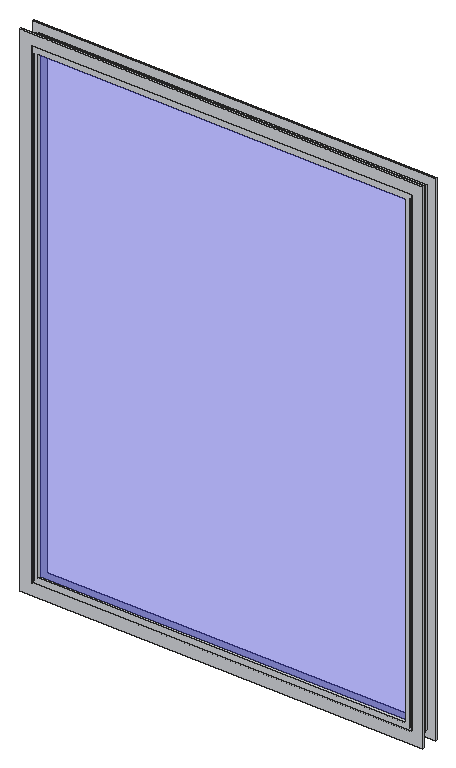
Revit family "1150S_Fixed", category Windows, host Wall, Revit 2023
Family settings
  Host = Wall
  OmniClass Number = 23.30.20.00
  OmniClass Title = Windows
  Always vertical = Yes
  Cut with Voids When Loaded = No
  Shared = No
  Room Calculation Point = No
Parameters
  Height = 5' - 0"
  Glass Material = Glass
  Frame Material = none
  Depth From Exterior = 0' - 1"
  Default Sill Height = 3' - 0"
  Wall Closure = By host
  Width = 4' - 0"
Reference planes (in)
  plane 1 "Center (Front/Back)": y = 0
  plane 2: z = 0
  plane 3 "Center (Left/Right)": x = 0
  plane 4 "Left": x = -24
  plane 5 "Right": x = 24
  plane 6 "Sill": z = 36
  plane 7 "Top": z = 96
  plane 8: y = 3
  plane 9: y = 2
  plane 10: y = 0
  plane 11: y = 0.36291
Forms (in)
  Sweep 1, solid
    path origin (0, 0, 0) x (1, 0, 0) y (0, 0, 1)
      loop
        line (24, 36) -> (24, 96) -> (-24, 96) -> (-24, 36) -> (24, 36)
    profile origin (0, 0, 36) x (0, 0, -1) y (0, -1, 0)
      loop
        line (0, -2) -> (0, -1.8747) -> (-1.12519, -1.8747) -> (-1.12519, -1.80397) -> (-1.02398, -1.70276) -> (-0.87556, -1.70276) -> (-0.87556, -1.357) -> (-0.813, -1.357) -> (-0.813, -0.643) -> (-0.87556, -0.643) -> (-0.87556, -0.30046) -> (-1.02076, -0.30046) -> (-1.125, -0.19622) -> (-1.125, -0.125) -> (0, -0.125) -> (0, 0) -> (-1.375, 0) -> (-1.375, -0.30355) -> (-1.25, -0.46426) -> (-1.25, -1.375) -> (-2.04514, -1.375) -> (-1.42014, -2) -> (0, -2)
  Sweep 2, solid
    path origin (0, 0, 0) x (1, 0, 0) y (0, 0, 1)
      loop
        line (-22.625, 37.375) -> (22.625, 37.375) -> (22.625, 94.625) -> (-22.625, 94.625) -> (-22.625, 37.375)
    profile origin (0, 0, 37.375) x (0, 0, 1) y (0, -1, 0)
      loop
        line (0, 0) -> (0, -0.18915) -> (0.0903, -0.18915) -> (0.0903, -0.125) -> (0.23999, -0.125) -> (0.23999, -0.36291) -> (0.65858, -0.36291) -> (0.65858, 0) -> (0, 0)
  Sweep 3, solid, material "Glass" <- "Glass Material"
    path origin (0, 0, 0) x (0, 1, 0) y (0, 0, 1)
      loop
        line (1.375, 37.25) -> (1.375, 94.75)
    profile origin (0, 1.375, 66) x (0, -1, 0) y (1, 0, 0)
      loop
        line (0, -22.75) -> (0.25, -22.75) -> (0.25, 22.75) -> (0, 22.75) -> (0, -22.75)
      loop
        line (0.75, -22.75) -> (1, -22.75) -> (1, 22.75) -> (0.75, 22.75) -> (0.75, -22.75)
Lines and regions (in)
  Opening 1
    outline origin (-60, -3, 0) x (1, 0, 0) y (0, 0, 1)
      loop
        line (36, 96) -> (36, 36) -> (84, 36) -> (84, 96) -> (36, 96)
Text (in)
  text "EXTERIOR" at (-58.6888, 50.90694, 0), in view "Ref. Level"
  text "INTERIOR" at (-58.6888, -37.76638, 0), in view "Ref. Level"
  text "Exterior" at (0, 43.65631, 123.19604), in view "Left"
  text "Exterior" at (0, 18.29385, 125.04747), in view "Right"
Dimensions and locks (in)
  equal spacing: plane 4 "Left", plane 3 "Center (Left/Right)", plane 5 "Right"
  "Height": plane 6 "Sill" to plane 7 "Top"
  "Default Sill Height": plane 2 to plane 6 "Sill"
  "Width": plane 4 "Left" to plane 5 "Right"
  "Depth From Exterior": plane 8 to plane 9
  locked: plane 11 to plane 10 at 0.36291
  locked: plane 9 to plane 10 at 2
  aligned and locked: plane 7 "Top" to Opening 1 sketch curve
  aligned and locked: plane 6 "Sill" to Opening 1 sketch curve  (x2)
  aligned and locked: plane 5 "Right" to Opening 1 sketch curve
  aligned and locked: plane 4 "Left" to Opening 1 sketch curve
  aligned and locked: level to plane 2
  aligned and locked: Sweep 1 sketch curve to plane 7 "Top"
  aligned and locked: plane 4 "Left" to Sweep 1 sketch curve
  aligned and locked: plane 6 "Sill" to Sweep 1 sketch curve
  aligned and locked: Sweep 1 sketch curve to plane 5 "Right"
  aligned and locked: Sweep 2 sketch curve to Sweep 1  (x4)
  aligned and locked: Sweep 3 sketch curve to Sweep 1  (x5)
  aligned and locked: plane 8 to host wall
  aligned and locked: plane 9 to Sweep 1
  aligned and locked: plane 10 to Sweep 1
  aligned and locked: plane 10 to Sweep 2
  aligned and locked: plane 11 to Sweep 2
Automatic sketch dimensions
  profile plane to Sweep 1 sketch curve = 0' - 2.04514"
  Sweep 1 sketch curve to Sweep 1 sketch curve = 0' - 0 5/8"
  Sweep 1 sketch curve to Sweep 1 sketch curve = 0' - 0.67014"
  Sweep 1 sketch curve to Sweep 1 sketch curve = 0' - 0.17014"
  Sweep 1 sketch curve to Sweep 1 sketch curve = 0' - 0.29495"
  Sweep 1 sketch curve to Sweep 1 sketch curve = 0' - 0 1/4"
  Sweep 1 sketch curve to Sweep 1 sketch curve = 0' - 0.10121"  (x2)
  Sweep 1 sketch curve to Sweep 1 sketch curve = 0' - 0.10424"  (x2)
  Sweep 1 sketch curve to Sweep 1 sketch curve = 0' - 0.1452"
  Sweep 1 sketch curve to Sweep 1 sketch curve = 0' - 0 19/128"
  Sweep 1 sketch curve to Sweep 1 sketch curve = 0' - 0.06256"
  Sweep 1 sketch curve to Sweep 1 sketch curve = 0' - 0.87556"  (x2)
  Sweep 1 sketch curve to plane 1 "Center (Front/Back)" = 0' - 2"
  Sweep 1 sketch curve to Sweep 1 sketch curve = 0' - 0.1253"
  Sweep 1 sketch curve to Sweep 1 sketch curve = 0' - 0.07073"
  Sweep 1 sketch curve to Sweep 1 sketch curve = 0' - 0.32776"
  Sweep 1 sketch curve to Sweep 1 sketch curve = 0' - 0.34576"
  Sweep 1 sketch curve to Sweep 1 sketch curve = 0' - 0.714"
  Sweep 1 sketch curve to Sweep 1 sketch curve = 0' - 0.33945"
  Sweep 1 sketch curve to Sweep 1 sketch curve = 0' - 0.00309"
  Sweep 1 sketch curve to Sweep 1 sketch curve = 0' - 0.07122"
  Sweep 1 sketch curve to Sweep 1 sketch curve = 0' - 0 1/8"
  Sweep 1 sketch curve to Sweep 1 sketch curve = 0' - 0.16071"
  Sweep 2 sketch curve to profile plane = 0' - 0"
  Sweep 2 sketch curve to Sweep 2 sketch curve = 0' - 0.0903"
  Sweep 2 sketch curve to Sweep 2 sketch curve = 0' - 0.14969"
  Sweep 2 sketch curve to Sweep 2 sketch curve = 0' - 0.41859"
  Sweep 2 sketch curve to plane 1 "Center (Front/Back)" = 0' - 0.18915"
  Sweep 2 sketch curve to Sweep 2 sketch curve = 0' - 0.06415"
  Sweep 2 sketch curve to Sweep 2 sketch curve = 0' - 0 1/8"
  Sweep 2 sketch curve to Sweep 2 sketch curve = 0' - 0.17376"
  Sweep 3 sketch curve to plane 6 "Sill" = 0' - 1 1/4"
  plane 7 "Top" to Sweep 3 sketch curve = 0' - 1 1/4"
  profile plane to Sweep 3 sketch curve = 0' - 0"
  Sweep 3 sketch curve to Sweep 3 sketch curve = 0' - 0 1/4"  (x2)
  Sweep 3 sketch curve to Sweep 3 sketch curve = 0' - 0 3/4"
